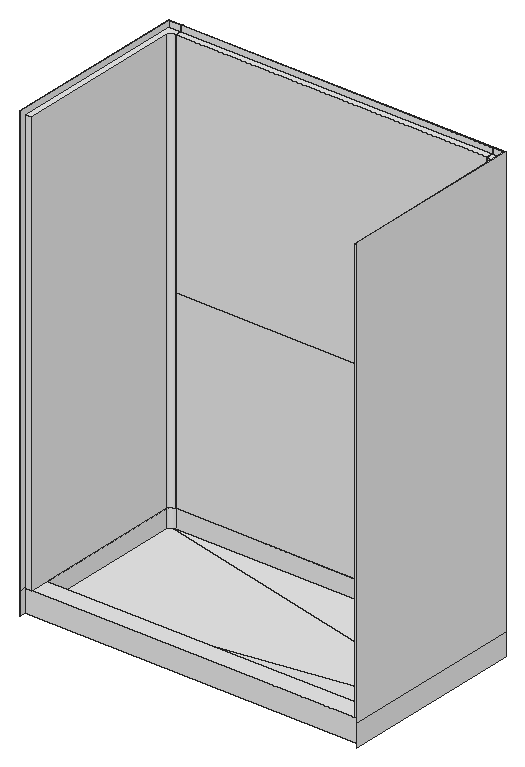
Revit family "5LRS6032FBSQ.V2 L-R", category Plumbing Fixtures, Revit 2019
Family settings
  Round Connector Dimension = Use Diameter
  Part Type = Normal
  OmniClass Number = 23.45.05.14.17
  OmniClass Title = Showers
  Work Plane-Based = No
  Always vertical = Yes
  Cut with Voids When Loaded = No
  Shared = No
  Room Calculation Point = No
Parameters (values of type "5LRS6032FBSQ.V2 L/R")
  Unit Width = 60"
  Unit Height = 80 1/2"
  Unit Depth = 33"
  URL = "http://www.bestbath.com/"
  Type Comments = "Remodeler"
  Model = "5LRS6032FBSQ.V2 L/R"
  Material [instance] = Best Bath Gelcoat Fiberglass - RealTile
  Manufacturer = "Best Bath Systems, Inc."
  Keynote = "22 40 00.B3"
  Description = "Real Tile Finish"
  Assembly Code = "D2010710"
Reference planes (in)
  plane 1: z = 0
  plane 2 "Left": x = 0
  plane 3: z = 79.5
  plane 4: z = 80.5
  plane 5: y = 6.36165
  plane 6: y = 38.36165
  plane 7: x = 60
  plane 8: y = 37.11165
  plane 9: y = 22.36165
  plane 10: x = 51.5
  plane 11: z = 0.375
  plane 12: z = 0.75
  plane 13: z = 38.25
  plane 14: z = 4
  plane 15: y = 5.36165
Forms (in)
  Extrusion 1, solid, material "Best Bath Gelcoat Fiberglass - Smooth"
    sketch origin (0, 0, 0) x (1, 0, 0) y (0, 1, 0)
      loop
        line (0, 6.36165) -> (60, 6.36165) -> (60, 38.36165) -> (0, 38.36165) -> (0, 6.36165)
      loop
        line (49, 26.36165) -> (49, 18.36165) -> (53.97344, 18.36165) -> (53.97344, 26.36165) -> (49, 26.36165)
    from 0 to 0.75
  Extrusion 2, solid, material "Best Bath Gelcoat Fiberglass - Smooth"
    sketch origin (0, 0, 0) x (1, 0, 0) y (0, 1, 0)
      loop
        line (2.25, 38.36165) -> (2.25, 37.11165) -> (57.75, 37.11165) -> (57.75, 38.36165) -> (2.25, 38.36165)
    from 4 to 38.25
  Blend 3, void
    base sketch origin (0, 0, 0) x (1, 0, 0) y (0, 1, 0)
      loop
        line (1.25, 10.38049) -> (58.75, 10.38049) -> (58.75, 37.11165) -> (1.25, 37.11165) -> (1.25, 10.38049)
    top sketch origin (0, 0, 0) x (1, 0, 0) y (0, 1, 0)
      loop
        line (49, 26.36165) -> (49, 18.36165) -> (53.97344, 18.36165) -> (53.97344, 26.36165) -> (49, 26.36165)
    from 0.75 to 0.375
  Extrusion 4, solid, material "Best Bath Gelcoat Fiberglass - Smooth"
    sketch origin (0, 0, 0) x (1, 0, 0) y (0, 1, 0)
      loop
        line (2.25, 38.36165) -> (2.25, 37.11165) -> (57.75, 37.11165) -> (57.75, 38.36165) -> (2.25, 38.36165)
    from 38.25 to 79.5
  Extrusion 5, solid, material "Best Bath Gelcoat Fiberglass - Smooth"
    sketch origin (0.25, 0, 0) x (1, 0, 0) y (0, 1, 0)
      loop
        line (-0.25, 6.36165) -> (1, 6.36165) -> (1, 36.11165)
        arc (1, 36.11165) -> (1.29289, 36.81875) -> (2, 37.11165) r 1
        line (2, 37.11165) -> (2, 38.36165) -> (-0.25, 38.36165) -> (-0.25, 6.36165)
      loop
        line (59.75, 6.36165) -> (59.75, 38.36165) -> (57.5, 38.36165) -> (57.5, 37.11165)
        arc (57.5, 37.11165) -> (58.20711, 36.81875) -> (58.5, 36.11165) r 1
        line (58.5, 36.11165) -> (58.5, 6.36165) -> (59.75, 6.36165)
    from 4 to 79.5
  Extrusion 6, solid, material "Best Bath Gelcoat Fiberglass - Smooth"
    sketch origin (0, 0, 0) x (1, 0, 0) y (0, 1, 0)
      loop
        line (0, 38.36165) -> (0, 6.36165) -> (1.25, 6.36165) -> (1.25, 36.11165)
        arc (1.25, 36.11165) -> (1.54289, 36.81875) -> (2.25, 37.11165) r 1
        line (2.25, 37.11165) -> (57.75, 37.11165)
        arc (57.75, 37.11165) -> (58.45711, 36.81875) -> (58.75, 36.11165) r 1
        line (58.75, 36.11165) -> (58.75, 6.36165) -> (60, 6.36165) -> (60, 37.11165) -> (60, 38.36165) -> (0, 38.36165)
    from 0 to 4
  Sweep 7, solid, material "Best Bath Gelcoat Fiberglass - Smooth"
    path origin (0, 0, 0) x (1, 0, 0) y (0, 1, 0)
      loop
        line (1.25, 6.36165) -> (58.75, 6.36165)
    profile origin (30, 6.36165, 0) x (0, 1, 0) y (0, 0, 1)
      loop
        line (0, 0) -> (4.15, 0) -> (3.35, 4) -> (0, 4) -> (0, 0)
  Extrusion 8, solid, material "Best Bath Gelcoat Fiberglass - Smooth"
    sketch origin (0, 0, 0) x (1, 0, 0) y (0, 1, 0)
      loop
        line (0, 6.36165) -> (0, 5.36165) -> (0.125, 5.36165) -> (0.125, 6.36165) -> (0, 6.36165)
      loop
        line (60, 6.36165) -> (59.875, 6.36165) -> (59.875, 5.36165) -> (60, 5.36165) -> (60, 6.36165)
    from 0 to 4
  Extrusion 9, solid, material "Best Bath Gelcoat Fiberglass - Smooth"
    sketch origin (0, 0, 0) x (1, 0, 0) y (0, 1, 0)
      loop
        line (2.25, 38.36165) -> (2.25, 38.23665) -> (57.75, 38.23665) -> (57.75, 38.36165) -> (2.25, 38.36165)
    from 79.5 to 80.5
  Extrusion 10, solid, material "Best Bath Gelcoat Fiberglass - Smooth"
    sketch origin (0, 0, 0) x (1, 0, 0) y (0, 1, 0)
      loop
        line (0, 5.36165) -> (0.125, 5.36165) -> (0.125, 38.23665) -> (2.25, 38.23665) -> (2.25, 38.36165) -> (0, 38.36165) -> (0, 5.36165)
      loop
        line (60, 5.36165) -> (60, 38.36165) -> (57.75, 38.36165) -> (57.75, 38.23665) -> (59.875, 38.23665) -> (59.875, 5.36165) -> (60, 5.36165)
    from 4 to 80.5
  Extrusion 11, solid, material "Best Bath Gelcoat Fiberglass - Smooth"
    sketch origin (0, 0, 0) x (1, 0, 0) y (0, 1, 0)
      loop
        line (49, 26.36165) -> (49, 18.36165) -> (53.97344, 18.36165) -> (53.97344, 26.36165) -> (49, 26.36165)
    from 0 to 0.25
  Extrusion 12, void
    sketch origin (0, 0, 0) x (1, 0, 0) y (0, 1, 0)
      loop
        circle (51.5, 22.36165) r 1.5
    from 0 to 0.5
Cuts and joins
  Blend 3 cuts Extrusion 1
  Extrusion 12 cuts Extrusion 11
  joined: Extrusion 1, Extrusion 6, Sweep 7, Extrusion 8, Extrusion 11
  joined: Extrusion 4, Extrusion 9
  joined: Extrusion 5, Extrusion 10
Dimensions and locks (in)
  locked: plane 4 to plane 3 at 1
  "Unit Height": plane 4 to level
  plane 2 "Left" to plane 10 to plane 7 = 51 1/2", 8 1/2" locked
  "Unit Width": plane 2 "Left" to plane 7
  plane 6 to plane 8 = 1 1/4"
  locked: plane 6 to plane 9 at 16
  locked: plane 12 to level at 0.75
  locked: plane 12 to plane 11 at 0.375
  locked: plane 13 to plane 14 at 34.25
  locked: plane 14 to level at 4
  locked: plane 5 to plane 15 at 1
  "Unit Depth": plane 6 to plane 15
  aligned and locked: level to plane 1
  aligned and locked: Extrusion 1 sketch curve to plane 5
  aligned and locked: Extrusion 1 sketch curve to plane 2 "Left"
  aligned and locked: plane 6 to Extrusion 1 sketch curve
  aligned and locked: Extrusion 1 sketch curve to plane 7
  aligned and locked: plane 12 to Extrusion 1
  aligned and locked: Extrusion 1 to Blend 3  (x2)
  aligned and locked: Blend 3 to plane 11
  aligned and locked: plane 13 to Extrusion 2
  aligned and locked: Extrusion 4 to Extrusion 2
  aligned and locked: plane 3 to Extrusion 4
  aligned and locked: plane 3 to Extrusion 5
  aligned and locked: plane 14 to Extrusion 6
  aligned and locked: Extrusion 5 to plane 14
  aligned and locked: Extrusion 2 to plane 14
  aligned and locked: Extrusion 8 to Extrusion 2
  aligned and locked: Extrusion 9 to plane 3
  aligned and locked: plane 4 to Extrusion 9
  aligned and locked: Extrusion 10 to Extrusion 2
  aligned and locked: plane 4 to Extrusion 10
Automatic sketch dimensions
  Extrusion 2 sketch curve to plane 8 = 0"
  Extrusion 2 sketch curve to plane 6 = 0"
  plane 2 "Left" to Extrusion 2 sketch curve = 2 1/4"
  plane 7 to Extrusion 2 sketch curve = 2 1/4"
  Blend 3 sketch curve to plane 8 = 0"
  plane 2 "Left" to Blend 3 sketch curve = 1 1/4"
  plane 7 to Blend 3 sketch curve = 1 1/4"
  plane 5 to Blend 3 sketch curve = 4.01884"
  Extrusion 4 sketch curve to plane 8 = 0"
  Extrusion 4 sketch curve to plane 6 = 0"
  plane 2 "Left" to Extrusion 4 sketch curve = 2 1/4"
  plane 7 to Extrusion 4 sketch curve = 2 1/4"
  Extrusion 5 sketch curve to plane 2 "Left" = 0"
  Extrusion 5 sketch curve to plane 5 = 0"  (x2)
  Extrusion 5 sketch curve to plane 8 = 0"  (x2)
  Extrusion 5 sketch curve to plane 6 = 0"  (x2)
  Extrusion 5 sketch curve to plane 7 = 0"
  Extrusion 5 sketch curve to Extrusion 5 sketch curve = 1 1/4"
  Extrusion 5 sketch curve to Extrusion 5 sketch curve = 1"
  plane 7 to Extrusion 5 sketch curve = 2 1/4"
  Extrusion 5 sketch curve to plane 8 = 1"
  Extrusion 6 sketch curve to plane 2 "Left" = 0"
  Extrusion 6 sketch curve to plane 5 = 0"  (x2)
  Extrusion 6 sketch curve to plane 8 = 0"  (x2)
  Extrusion 6 sketch curve to plane 7 = 0"
  Extrusion 6 sketch curve to plane 6 = 0"
  Extrusion 6 sketch curve to Extrusion 6 sketch curve = 1 1/4"
  Extrusion 6 sketch curve to Extrusion 6 sketch curve = 1"
  Extrusion 6 sketch curve to plane 8 = 1"
  plane 7 to Extrusion 6 sketch curve = 2 1/4"
  Sweep 7 sketch curve to plane 5 = 0"
  plane 2 "Left" to Sweep 7 sketch curve = 1 1/4"
  plane 7 to Sweep 7 sketch curve = 1 1/4"
  Sweep 7 sketch curve to profile plane = 0"
  Sweep 7 sketch curve to level = 0"
  Sweep 7 sketch curve to profile plane = 3.35"
  Sweep 7 sketch curve to Sweep 7 sketch curve = 0.8"
  level to Sweep 7 sketch curve = 4"
  Extrusion 8 sketch curve to plane 2 "Left" = 0"
  Extrusion 8 sketch curve to plane 15 = 0"  (x2)
  Extrusion 8 sketch curve to plane 5 = 0"  (x2)
  Extrusion 8 sketch curve to plane 7 = 0"
  plane 2 "Left" to Extrusion 8 sketch curve = 1/8"
  Extrusion 8 sketch curve to Extrusion 8 sketch curve = 1/8"
  Extrusion 9 sketch curve to plane 6 = 0"
  Extrusion 9 sketch curve to plane 6 = 1/8"
  plane 2 "Left" to Extrusion 9 sketch curve = 2 1/4"
  plane 7 to Extrusion 9 sketch curve = 2 1/4"
  Extrusion 10 sketch curve to plane 2 "Left" = 0"
  Extrusion 10 sketch curve to plane 15 = 0"  (x2)
  Extrusion 10 sketch curve to plane 6 = 0"  (x2)
  Extrusion 10 sketch curve to plane 7 = 0"
  plane 2 "Left" to Extrusion 10 sketch curve = 1/8"
  Extrusion 10 sketch curve to plane 6 = 1/8"  (x2)
  Extrusion 10 sketch curve to Extrusion 10 sketch curve = 2 1/8"
  Extrusion 10 sketch curve to Extrusion 10 sketch curve = 2 1/4"
  Extrusion 10 sketch curve to Extrusion 10 sketch curve = 1/8"
  Extrusion 1 sketch curve to plane 10 = 2 1/2"
  plane 10 to Extrusion 1 sketch curve = 2.47344"
  Extrusion 1 sketch curve to plane 9 = 4"
  plane 9 to Extrusion 1 sketch curve = 4"
  Blend 3 sketch curve to plane 10 = 2 1/2"
  plane 10 to Blend 3 sketch curve = 2.47344"
  Blend 3 sketch curve to plane 9 = 4"
  plane 9 to Blend 3 sketch curve = 4"
  Extrusion 11 sketch curve to plane 10 = 2 1/2"
  plane 10 to Extrusion 11 sketch curve = 2.47344"
  Extrusion 11 sketch curve to plane 9 = 4"
  plane 9 to Extrusion 11 sketch curve = 4"
  Extrusion 12 sketch curve to plane 9 = 0"
  Extrusion 12 sketch curve to plane 10 = 0"
  radius of Extrusion 12 sketch curve = 1 1/2"
